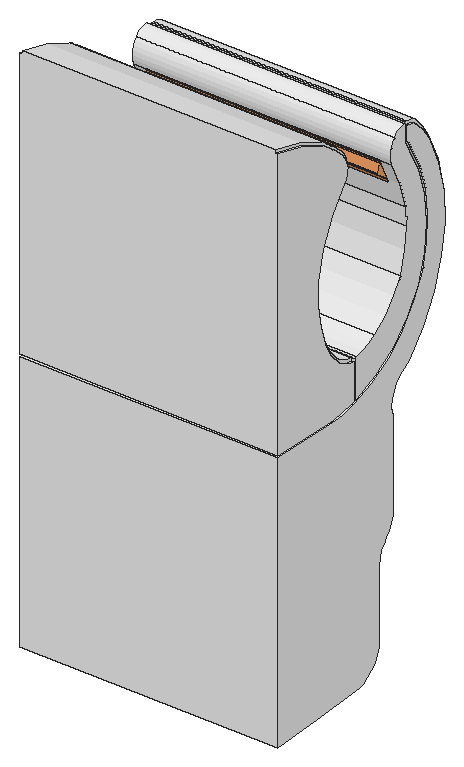
Revit family
Parameters (values of type "AB02 - 120 V Dyson Airblade™ Hand Dryer")
  Width = "12.25\""
  Water Resistance = "Water ingress protection to IPX5"
  Warranty = "5 year parts, 1 year labor limited"
  URL = "www.dysonairblade.com\r\nwww.dysonairblade.com\r\n"
  Standby Power Consumption = "1 W"
  Recommended Mounting Heights/Women = "38.25\" to top of unit"
  Recommended Mounting Heights/Men = "41.25\" to top of unit"
  Recommended Mounting Heights/Children / ADA = "34.25\" to top of unit"
  Rated Power = "1400 W, 12.0 A"
  Product Certification = "ETL listed in accordance with UL507"
  Product = "AB02 - 120 V Dyson Airblade™ Hand Dryer"
  Operation/Rated operating noise level = "84 db (A) "
  Operation/Operating airflow = "68 cfm"
  Operation/Method = "Touch-free infra-red activation"
  Operation/Hand dry time = "12 seconds"
  Operation/Hand Dry Test Standard = "National Sanitation Foundation protocol P335"
  Operation/Airspeed at nozzle = "400 mph"
  Mounting = "Separate pressed anti-rust steel backplate"
  Motor Type = "Switched reluctance brushless"
  Motor Speed = "81,000 rpm"
  Model = ""
  Material 2 = Lacquer Coating
  Material 1 = Cast Aluminum
  Manufacturer = "Dyson "
  MOUNTING HEIGHT = 3' - 5 1/4"
  Input Voltage = "110-120V AC, single phase 60 Hz"
  Housing Material = "Die-cast aluminum casing"
  Housing Finish = "Scuff resistant lacquer coating on exterior surfaces"
  Height = "25.38\""
  Heater Type = "None"
  Hardware = "Tamper-proof T30 type exterior screws"
  Filtration/Air Filtration = "Yes"
  Filtration/Air Filter Type = "HEPA filter with anti-microbial coating"
  Filtration/Air Filter Performance = "99.97% particulate efficiency <99.9% bacteria removal"
  Energy Consumption Per Operation Cycle = ".00468 kwh"
  Depth = "10\""
  Color = "Metallic silver, gloss lacquer"
  Anti-Microbial Finish = "Yes"
Reference planes (in)
  plane 1: y = 0
  plane 2 "Center (Left/Right)": x = 0
  plane 3 "Wall Edge": y = 3
  plane 4: z = 41.25
Text (in)
  text "Placement Side" at (0, 40.15149, 123.01588), in view "Right"
  text "Placement Side" at (-70.3804, 28.46503, 0), in view "Ref. Level"
  text "Placement Side" at (0, 81.62555, 140.59947), in view "Left"
Dimensions and locks (in)
  locked: plane 3 "Wall Edge" to host wall
  "MOUNTING HEIGHT": level to plane 4
  aligned and locked: nested 1 to plane 2 "Center (Left/Right)"
  aligned and locked: nested 1 to plane 3 "Wall Edge"
  aligned and locked: plane 4 to nested 1
Nested families (in)
  nested 1: "Family1" at (0, 8, 15.87001), type "Family1"
Definition of nested family "Family1"
  Parameters
    Material 2 = Laser
    Material 1 = Plastic 1
    Length = ""
    Height = ""
    Depth = ""
  Reference planes (in)
    plane 1 "Center (Front/Back)": y = 0
    plane 2: z = 0
    plane 3 "Center (Left/Right)": x = 0
    plane 4: y = 5
    plane 5: y = -5
    plane 6: x = -6.125
    plane 7: x = 6.125
    plane 8: z = 25.37999
    plane 9: x = -5.5
    plane 10: x = 5.5
    plane 11: x = 2.21875
    plane 12: x = -2.21875
    plane 13: y = 2.5
    plane 14: x = 6
    plane 15: x = -6
  Forms (in)
    Extrusion 1, solid, material "Plastic 1" <- "Material 1"
      sketch origin (0, 0, 0) x (0, -1, 0) y (0, 0, -1)
        loop
          arc (2.81293, -12.9793) -> (2.43848, -12.66614) -> (2.10511, -12.30957) r 3.98762
          arc (2.10511, -12.30957) -> (1.90684, -11.93034) -> (1.83117, -11.50915) r 1.41324
          line (1.83117, -11.50915) -> (1.82925, -7.14596)
          arc (1.82925, -7.14596) -> (1.71447, -6.59158) -> (1.41547, -6.11083) r 1.61553
          arc (1.41547, -6.11083) -> (1.17238, -5.79658) -> (1.02497, -5.42763) r 1.43218
          arc (1.02497, -5.42763) -> (0.99649, -5.22661) -> (0.98694, -5.0238) r 2.16866
          line (0.98694, -5.0238) -> (0.98618, -1.95818)
          arc (0.98618, -1.95818) -> (0.70972, -1.08349) -> (0.00243, -0.49931) r 1.61946
          arc (0.00243, -0.49931) -> (-0.17783, -0.43501) -> (-0.36443, -0.39245) r 1.61777
          arc (-0.36443, -0.39245) -> (-1.52331, -0.28351) -> (-2.68307, -0.1845) r 135.88222
          arc (-2.68307, -0.1845) -> (-3.8418, -0.09559) -> (-5, 0) r 201.43825
          line (-5, 0) -> (-5, -12.3175) -> (-1.75196, -12.38381)
          arc (-1.75196, -12.38381) -> (-1.12625, -12.4645) -> (-0.5128, -12.61185) r 5.87158
          arc (-0.5128, -12.61185) -> (3.34031, -15.93761) -> (3.39101, -21.02727) r 6.1807
          arc (3.39101, -21.02727) -> (3.13128, -21.55211) -> (2.85791, -22.06999) r 22.39085
          line (2.85791, -22.06999) -> (2.66514, -22.43728)
          arc (2.66514, -22.43728) -> (2.65629, -22.46089) -> (2.65355, -22.48595) r 0.10125
          line (2.65355, -22.48595) -> (2.66541, -23.22522) -> (2.77653, -23.22248)
          arc (2.77653, -23.22248) -> (3.01911, -23.18152) -> (3.24222, -23.07786) r 0.92179
          arc (3.24222, -23.07786) -> (3.69818, -22.6088) -> (4.06543, -22.06747) r 3.73982
          arc (4.06543, -22.06747) -> (4.92732, -17.3183) -> (2.81293, -12.9793) r 7.75444
      from -6.125 to 6.125
    Extrusion 2, solid, material "Plastic 1" <- "Material 1"
      sketch origin (0, 0, 0) x (0, -1, 0) y (0, 0, -1)
        loop
          line (2.54319, -23.22706) -> (2.53003, -22.47303)
          arc (2.53003, -22.47303) -> (2.53469, -22.43009) -> (2.54794, -22.38897) r 0.21272
          line (2.54794, -22.38897) -> (2.7466, -22.01046)
          arc (2.7466, -22.01046) -> (3.0182, -21.496) -> (3.27627, -20.97461) r 22.26463
          arc (3.27627, -20.97461) -> (3.25855, -16.06255) -> (-0.39452, -12.77869) r 6.05745
          line (-0.39452, -12.77869) -> (-0.39452, -14.53904)
          arc (-0.39452, -14.53904) -> (-0.38442, -14.56603) -> (-0.3591, -14.57978) r 0.04114
          arc (-0.3591, -14.57978) -> (0.22492, -14.7414) -> (0.74758, -15.04805) r 2.3317
          arc (0.74758, -15.04805) -> (1.63078, -15.87376) -> (2.26249, -16.90468) r 4.50354
          arc (2.26249, -16.90468) -> (2.54423, -17.86361) -> (2.63045, -18.85935) r 5.02096
          arc (2.63045, -18.85935) -> (2.6066, -19.29023) -> (2.54641, -19.71756) r 5.09955
          arc (2.54641, -19.71756) -> (2.22331, -20.81113) -> (1.7521, -21.84953) r 8.22661
          arc (1.7521, -21.84953) -> (1.67005, -22.4097) -> (1.90491, -22.92483) r 1.00132
          arc (1.90491, -22.92483) -> (2.19155, -23.14458) -> (2.54319, -23.22706) r 0.8589
      from -6.125 to 6.125
    Extrusion 3, solid, material "Plastic 1" <- "Material 1"
      sketch origin (0, 0, 0) x (0, -1, 0) y (0, 0, -1)
        loop
          arc (-2.2246, -24.50556) -> (-1.6416, -24.10764) -> (-1.11753, -23.6348) r 5.22747
          arc (-1.11753, -23.6348) -> (-1.07181, -23.57459) -> (-1.03249, -23.51003) r 0.73883
          arc (-1.03249, -23.51003) -> (-0.76572, -22.8472) -> (-1.01081, -22.17605) r 0.99722
          arc (-1.01081, -22.17605) -> (-2.01816, -20.56758) -> (-2.50107, -18.73219) r 6.30338
          arc (-2.50107, -18.73219) -> (-2.46378, -17.27511) -> (-2.06297, -15.87376) r 5.77655
          arc (-2.06297, -15.87376) -> (-1.77582, -15.38349) -> (-1.40031, -14.9571) r 2.9608
          arc (-1.40031, -14.9571) -> (-1.00152, -14.69556) -> (-0.53934, -14.57797) r 1.44607
          arc (-0.53934, -14.57797) -> (-0.52045, -14.56872) -> (-0.5128, -14.54911) r 0.02895
          line (-0.5128, -14.54911) -> (-0.5128, -12.73795) -> (-0.63473, -12.70372)
          arc (-0.63473, -12.70372) -> (-1.19137, -12.57687) -> (-1.75785, -12.50585) r 5.74944
          line (-1.75785, -12.50585) -> (-5, -12.43966) -> (-5, -25.37999)
          arc (-5, -25.37999) -> (-3.57343, -25.06614) -> (-2.2246, -24.50556) r 8.24784
      from -6.125 to 6.125
    Extrusion 4, solid, material "Laser" <- "Material 2"
      sketch origin (0, 0, 0) x (0, 1, 0) y (0, 0, 1)
        loop
          line (-1.76537, 21.69252) -> (-1.74771, 21.77674) -> (-1.7059, 21.84078) -> (-1.75934, 21.8361)
          arc (-1.75934, 21.8361) -> (-2.04061, 21.26054) -> (-2.27625, 20.66484) r 8.22661
          arc (-2.27625, 20.66484) -> (-2.18109, 20.79882) -> (-2.06624, 20.91636) r 1.05292
          line (-2.06624, 20.91636) -> (-1.70526, 21.21392) -> (-1.69146, 21.25085) -> (-1.76537, 21.69252)
      from -5.51469 to 5.51471
    Revolve 5, void
      sketch origin (2.2246, 0, 0) x (0, 1, 0) y (0, 0, 1)
        loop
          line (2.2246, 24.50556) -> (2.2246, 25.37999) -> (0, 25.37999) -> (0, 20.0227) -> (2.2246, 20.0227)
          arc (2.2246, 20.0227) -> (2.10085, 20.36709) -> (1.95732, 20.70372) r 6.30338
          arc (1.95732, 20.70372) -> (2.34111, 22.47362) -> (1.73704, 24.18094) r 3.31355
          arc (1.73704, 24.18094) -> (1.97627, 24.35008) -> (2.2246, 24.50556) r 5.22747
        axis (0, 20.0227) -> (0, 25.37999)
      angle from 0 to 360
    Revolve 6, void
      sketch origin (-2.2246, 0, 0) x (0, 1, 0) y (0, 0, 1)
        loop
          line (2.2246, 24.50556) -> (2.2246, 25.37999) -> (0, 25.37999) -> (0, 20.0227) -> (2.2246, 20.0227)
          arc (2.2246, 20.0227) -> (2.10085, 20.36709) -> (1.95732, 20.70372) r 6.30338
          arc (1.95732, 20.70372) -> (2.34111, 22.47362) -> (1.73704, 24.18094) r 3.31355
          arc (1.73704, 24.18094) -> (1.97627, 24.35008) -> (2.2246, 24.50556) r 5.22747
        axis (0, 20.0227) -> (0, 25.37999)
      angle from 0 to 360
    Extrusion 7, void
      sketch origin (0, 0, 0) x (1, 0, 0) y (0, 0, 1)
        loop
          circle (2.21875, 22.68729) r 0.125
        loop
          circle (-2.21875, 22.68729) r 0.125
      from -2.5 to -1.75196
    Extrusion 8, void
      sketch origin (0, 0, 0) x (0, 1, 0) y (0, 0, 1)
        loop
          arc (1.21044, 23.55107) -> (1.71944, 24.00983) -> (2.28531, 24.39625) r 5.10247
          arc (2.28531, 24.39625) -> (3.60479, 24.94496) -> (5, 25.25395) r 8.12284
          line (5, 25.25395) -> (5, 25.37999)
          arc (5, 25.37999) -> (3.57343, 25.06614) -> (2.2246, 24.50556) r 8.24784
          arc (2.2246, 24.50556) -> (1.6416, 24.10764) -> (1.11753, 23.6348) r 5.22747
          arc (1.11753, 23.6348) -> (1.07181, 23.57459) -> (1.03249, 23.51003) r 0.73883
          arc (1.03249, 23.51003) -> (0.76572, 22.8472) -> (1.01081, 22.17605) r 0.99722
          arc (1.01081, 22.17605) -> (2.01816, 20.56758) -> (2.50107, 18.73219) r 6.30338
          arc (2.50107, 18.73219) -> (2.46378, 17.27511) -> (2.06297, 15.87376) r 5.77655
          arc (2.06297, 15.87376) -> (1.77582, 15.38349) -> (1.40031, 14.9571) r 2.9608
          arc (1.40031, 14.9571) -> (1.00152, 14.69556) -> (0.53934, 14.57797) r 1.44607
          arc (0.53934, 14.57797) -> (0.52045, 14.56872) -> (0.5128, 14.54911) r 0.02895
          line (0.5128, 14.54911) -> (0.5128, 14.45075)
          arc (0.5128, 14.45075) -> (1.03508, 14.57388) -> (1.48546, 14.86559) r 1.57107
          arc (1.48546, 14.86559) -> (1.87753, 15.31082) -> (2.17715, 15.82286) r 3.0858
          arc (2.17715, 15.82286) -> (2.58723, 17.25546) -> (2.6254, 18.7451) r 5.90155
          arc (2.6254, 18.7451) -> (2.13286, 20.61725) -> (1.10531, 22.25788) r 6.42838
          arc (1.10531, 22.25788) -> (0.89087, 22.85306) -> (1.13514, 23.43663) r 0.87222
          arc (1.13514, 23.43663) -> (1.17072, 23.49767) -> (1.21309, 23.55423) r 0.61383
      from 6 to 6.125
    Extrusion 9, void
      sketch origin (0, 0, 0) x (0, 1, 0) y (0, 0, -1)
        loop
          arc (1.21044, -23.55107) -> (1.71944, -24.00983) -> (2.28531, -24.39625) r 5.10247
          arc (2.28531, -24.39625) -> (3.60479, -24.94496) -> (5, -25.25395) r 8.12284
          line (5, -25.25395) -> (5, -25.37999)
          arc (5, -25.37999) -> (3.57343, -25.06614) -> (2.2246, -24.50556) r 8.24784
          arc (2.2246, -24.50556) -> (1.6416, -24.10764) -> (1.11753, -23.6348) r 5.22747
          arc (1.11753, -23.6348) -> (1.07181, -23.57459) -> (1.03249, -23.51003) r 0.73883
          arc (1.03249, -23.51003) -> (0.76572, -22.8472) -> (1.01081, -22.17605) r 0.99722
          arc (1.01081, -22.17605) -> (2.01816, -20.56758) -> (2.50107, -18.73219) r 6.30338
          arc (2.50107, -18.73219) -> (2.46378, -17.27511) -> (2.06297, -15.87376) r 5.77655
          arc (2.06297, -15.87376) -> (1.77582, -15.38349) -> (1.40031, -14.9571) r 2.9608
          arc (1.40031, -14.9571) -> (1.00152, -14.69556) -> (0.53934, -14.57797) r 1.44607
          arc (0.53934, -14.57797) -> (0.52045, -14.56872) -> (0.5128, -14.54911) r 0.02895
          line (0.5128, -14.54911) -> (0.5128, -14.45075)
          arc (0.5128, -14.45075) -> (1.03508, -14.57388) -> (1.48546, -14.86559) r 1.57107
          arc (1.48546, -14.86559) -> (1.87753, -15.31082) -> (2.17715, -15.82286) r 3.0858
          arc (2.17715, -15.82286) -> (2.58723, -17.25546) -> (2.6254, -18.7451) r 5.90155
          arc (2.6254, -18.7451) -> (2.13286, -20.61725) -> (1.10531, -22.25788) r 6.42838
          arc (1.10531, -22.25788) -> (0.89087, -22.85306) -> (1.13514, -23.43663) r 0.87222
          arc (1.13514, -23.43663) -> (1.17072, -23.49767) -> (1.21309, -23.55423) r 0.61383
      from 6 to 6.125
    Extrusion 10, void
      sketch origin (0, 0, 0) x (0, 1, 0) y (0, 0, 1)
        loop
          arc (-3.24222, 23.07786) -> (-3.69818, 22.6088) -> (-4.06543, 22.06747) r 3.73982
          arc (-4.06543, 22.06747) -> (-4.92732, 17.3183) -> (-2.81293, 12.9793) r 7.75444
          arc (-2.81293, 12.9793) -> (-2.43848, 12.66614) -> (-2.10511, 12.30957) r 3.98762
          arc (-2.10511, 12.30957) -> (-1.90684, 11.93034) -> (-1.83117, 11.50915) r 1.41324
          line (-1.83117, 11.50915) -> (-1.83102, 11.16946) -> (-1.70621, 11.51237)
          arc (-1.70621, 11.51237) -> (-1.78916, 11.97252) -> (-2.00651, 12.38649) r 1.53824
          arc (-2.00651, 12.38649) -> (-2.34749, 12.75212) -> (-2.73032, 13.07368) r 4.11262
          arc (-2.73032, 13.07368) -> (-4.80413, 17.34005) -> (-3.95587, 22.00729) r 7.62944
          arc (-3.95587, 22.00729) -> (-3.60393, 22.52657) -> (-3.16752, 22.97719) r 3.61482
          arc (-3.16752, 22.97719) -> (-2.97812, 23.06335) -> (-2.77288, 23.09753) r 0.79679
          line (-2.77288, 23.09753) -> (-2.6634, 23.10023) -> (-2.66541, 23.22522) -> (-2.77653, 23.22248)
          arc (-2.77653, 23.22248) -> (-3.01911, 23.18152) -> (-3.24222, 23.07786) r 0.92179
      from 6 to 6.125
    Extrusion 11, void
      sketch origin (0, 0, 0) x (0, 1, 0) y (0, 0, -1)
        loop
          arc (-3.24222, -23.07786) -> (-3.01911, -23.18152) -> (-2.77653, -23.22248) r 0.92179
          line (-2.77653, -23.22248) -> (-2.66541, -23.22522) -> (-2.6634, -23.10023) -> (-2.77288, -23.09753)
          arc (-2.77288, -23.09753) -> (-2.97812, -23.06335) -> (-3.16752, -22.97719) r 0.79679
          arc (-3.16752, -22.97719) -> (-3.60393, -22.52657) -> (-3.95587, -22.00729) r 3.61482
          arc (-3.95587, -22.00729) -> (-4.80413, -17.34005) -> (-2.73032, -13.07368) r 7.62944
          arc (-2.73032, -13.07368) -> (-2.34749, -12.75212) -> (-2.00651, -12.38649) r 4.11262
          arc (-2.00651, -12.38649) -> (-1.78916, -11.97252) -> (-1.70621, -11.51237) r 1.53824
          line (-1.70621, -11.51237) -> (-1.83102, -11.16946) -> (-1.83117, -11.50915)
          arc (-1.83117, -11.50915) -> (-1.90684, -11.93034) -> (-2.10511, -12.30957) r 1.41324
          arc (-2.10511, -12.30957) -> (-2.43848, -12.66614) -> (-2.81293, -12.9793) r 3.98762
          arc (-2.81293, -12.9793) -> (-4.92732, -17.3183) -> (-4.06543, -22.06747) r 7.75444
          arc (-4.06543, -22.06747) -> (-3.69818, -22.6088) -> (-3.24222, -23.07786) r 3.73982
      from 6 to 6.125
  Cuts and joins
    Revolve 5, Revolve 6, Extrusion 7, Extrusion 8, Extrusion 9 cuts Extrusion 3
    Extrusion 7, Extrusion 8, Extrusion 9, Extrusion 10, Extrusion 11 cuts Extrusion 1
    Extrusion 7, Extrusion 10, Extrusion 11 cuts Extrusion 2
    Extrusion 10 cuts Extrusion 4
  Dimensions and locks (in)
    equal spacing: plane 6, plane 3 "Center (Left/Right)", plane 7
    plane 6 to plane 7 = 1' - 0 1/4"
    plane 8 to level = 2' - 1.37999"
    locked: plane 6 to plane 9 at 0.625
    locked: plane 7 to plane 10 at 0.625
    locked: plane 4 to plane 13 at 2.5
    locked: plane 7 to plane 14 at 0.125
    locked: plane 6 to plane 15 at 0.125
    aligned and locked: plane 13 to Extrusion 7
    aligned and locked: Extrusion 8 to plane 14
    aligned and locked: plane 7 to Extrusion 8
    aligned and locked: Extrusion 9 to plane 15
    aligned and locked: plane 6 to Extrusion 9
    aligned and locked: cut or joined group of Extrusion 3, Revolve 5, Revolve 6, Extrusion 7, Extrusion 8, Extrusion 9 to Extrusion 10
    aligned and locked: plane 7 to Extrusion 10
    aligned and locked: Extrusion 11 to cut or joined group of Extrusion 3, Revolve 5, Revolve 6, Extrusion 7, Extrusion 8, Extrusion 9
    aligned and locked: plane 6 to Extrusion 11
  Automatic sketch dimensions
    Extrusion 1 sketch curve to plane 4 = 0' - 0"
    Extrusion 1 sketch curve to level = 0' - 0"
    Extrusion 1 sketch curve to plane 4 = 0' - 8.66156"
    Extrusion 1 sketch curve to plane 4 = 0' - 11.80514"
    Extrusion 1 sketch curve to plane 13 = 0' - 0.25452"
    Extrusion 1 sketch curve to plane 13 = 0' - 0.18307"
    plane 13 to Extrusion 1 sketch curve = 0' - 0.23351"
    Extrusion 1 sketch curve to Extrusion 1 sketch curve = 0' - 0.07755"
    plane 13 to Extrusion 1 sketch curve = 0' - 0.74804"
    plane 1 "Center (Front/Back)" to Extrusion 1 sketch curve = 0' - 0.63299"
    Extrusion 1 sketch curve to Extrusion 1 sketch curve = 0' - 0.00274"  (x2)
    plane 1 "Center (Front/Back)" to Extrusion 1 sketch curve = 0' - 0.5128"
    plane 1 "Center (Front/Back)" to Extrusion 1 sketch curve = 0' - 0.36443"
    Extrusion 1 sketch curve to plane 1 "Center (Front/Back)" = 0' - 0.00243"
    Extrusion 1 sketch curve to plane 1 "Center (Front/Back)" = 0' - 0.21435"
    Extrusion 1 sketch curve to plane 1 "Center (Front/Back)" = 0' - 0.79884"
    Extrusion 1 sketch curve to plane 1 "Center (Front/Back)" = 0' - 0.98618"
    Extrusion 1 sketch curve to plane 1 "Center (Front/Back)" = 0' - 0.98694"
    Extrusion 1 sketch curve to Extrusion 1 sketch curve = 0' - 0.03803"
    Extrusion 1 sketch curve to Extrusion 1 sketch curve = 0' - 0.39051"
    Extrusion 1 sketch curve to Extrusion 1 sketch curve = 0' - 0.41377"
    Extrusion 1 sketch curve to plane 1 "Center (Front/Back)" = 0' - 1.83117"
    Extrusion 1 sketch curve to Extrusion 1 sketch curve = 0' - 0.27394"
    Extrusion 1 sketch curve to Extrusion 1 sketch curve = 0' - 1.42884"
    plane 5 to Extrusion 1 sketch curve = 0' - 2.34645"
    Extrusion 1 sketch curve to Extrusion 1 sketch curve = 0' - 0.01158"
    Extrusion 1 sketch curve to Extrusion 1 sketch curve = 0' - 0.01185"
    Extrusion 1 sketch curve to Extrusion 1 sketch curve = 0' - 0.08058"
    Extrusion 1 sketch curve to Extrusion 1 sketch curve = 0' - 0.08965"
    Extrusion 1 sketch curve to Extrusion 1 sketch curve = 0' - 0.11112"
    Extrusion 1 sketch curve to Extrusion 1 sketch curve = 0' - 0.70782"
    Extrusion 1 sketch curve to Extrusion 1 sketch curve = 0' - 0.11219"
    Extrusion 1 sketch curve to Extrusion 1 sketch curve = 0' - 0.73982"
    Extrusion 1 sketch curve to Extrusion 1 sketch curve = 0' - 0.46569"
    Extrusion 1 sketch curve to Extrusion 1 sketch curve = 0' - 1.13883"
    Extrusion 1 sketch curve to Extrusion 1 sketch curve = 0' - 0.5331"
    plane 5 to Extrusion 1 sketch curve = 0' - 0.93457"
    Extrusion 1 sketch curve to plane 5 = 0' - 0.17915"
    Extrusion 1 sketch curve to plane 5 = 0' - 7 19/128"
    level to Extrusion 1 sketch curve = 16' - 8.707"
    Extrusion 1 sketch curve to level = 0' - 0.39245"
    Extrusion 1 sketch curve to Extrusion 1 sketch curve = 0' - 0.10686"
    Extrusion 1 sketch curve to Extrusion 1 sketch curve = 0' - 0.03006"
    Extrusion 1 sketch curve to Extrusion 1 sketch curve = 0' - 3.06508"
    Extrusion 1 sketch curve to Extrusion 1 sketch curve = 0' - 0.00054"
    Extrusion 1 sketch curve to Extrusion 1 sketch curve = 0' - 0.06261"
    Extrusion 1 sketch curve to Extrusion 1 sketch curve = 0' - 1.03513"
    Extrusion 1 sketch curve to Extrusion 1 sketch curve = 0' - 2.62366"
    Extrusion 1 sketch curve to level = 0' - 11.35951"
    Extrusion 1 sketch curve to Extrusion 1 sketch curve = 0' - 1 45/64"
    Extrusion 1 sketch curve to Extrusion 1 sketch curve = 0' - 0.03642"
    Extrusion 1 sketch curve to Extrusion 1 sketch curve = 0' - 0.80835"
    Extrusion 1 sketch curve to Extrusion 1 sketch curve = 0' - 0.06631"
    Extrusion 1 sketch curve to Extrusion 1 sketch curve = 0' - 0.22804"
    Extrusion 1 sketch curve to Extrusion 1 sketch curve = 0' - 0.13787"
    Extrusion 1 sketch curve to Extrusion 1 sketch curve = 0' - 0.29943"
    Extrusion 1 sketch curve to Extrusion 1 sketch curve = 0' - 0.78069"
    Extrusion 1 sketch curve to Extrusion 1 sketch curve = 0' - 0.23122"
    Extrusion 1 sketch curve to Extrusion 1 sketch curve = 0' - 0.13607"
    Extrusion 1 sketch curve to Extrusion 1 sketch curve = 0' - 0.04705"
    Extrusion 2 sketch curve to plane 4 = 0' - 11.80514"
    Extrusion 2 sketch curve to plane 4 = 0' - 0.48565"
    plane 13 to Extrusion 2 sketch curve = 0' - 0.03134"
    Extrusion 2 sketch curve to Extrusion 2 sketch curve = 0' - 0.0786"
    plane 13 to Extrusion 2 sketch curve = 0' - 0.23025"
    Extrusion 2 sketch curve to Extrusion 2 sketch curve = 0' - 0.41116"
    plane 1 "Center (Front/Back)" to Extrusion 2 sketch curve = 0' - 0.68371"
    plane 1 "Center (Front/Back)" to Extrusion 2 sketch curve = 0' - 0 101/256"
    Extrusion 2 sketch curve to Extrusion 2 sketch curve = 0' - 0.03541"
    Extrusion 2 sketch curve to Extrusion 2 sketch curve = 0' - 0"
    Extrusion 2 sketch curve to Extrusion 2 sketch curve = 0' - 0.00573"
    Extrusion 2 sketch curve to plane 1 "Center (Front/Back)" = 0' - 0.74758"
    Extrusion 2 sketch curve to plane 1 "Center (Front/Back)" = 0' - 1.7521"
    Extrusion 2 sketch curve to Extrusion 2 sketch curve = 0' - 0.1528"
    Extrusion 2 sketch curve to plane 1 "Center (Front/Back)" = 0' - 2.26249"
    Extrusion 2 sketch curve to Extrusion 2 sketch curve = 0' - 0.62512"
    Extrusion 2 sketch curve to Extrusion 2 sketch curve = 0' - 0.63828"
    Extrusion 2 sketch curve to Extrusion 2 sketch curve = 0' - 0.7943"
    Extrusion 2 sketch curve to Extrusion 2 sketch curve = 0' - 0.01791"
    Extrusion 2 sketch curve to Extrusion 2 sketch curve = 0' - 0.01118"
    Extrusion 2 sketch curve to Extrusion 2 sketch curve = 0' - 0.08405"
    Extrusion 2 sketch curve to Extrusion 2 sketch curve = 0' - 0.1023"
    Extrusion 2 sketch curve to Extrusion 2 sketch curve = 0' - 0.18363"
    Extrusion 2 sketch curve to Extrusion 2 sketch curve = 0' - 0.08519"
    Extrusion 2 sketch curve to Extrusion 2 sketch curve = 0' - 0.52967"
    Extrusion 2 sketch curve to level = 0' - 11.35951"
    plane 8 to Extrusion 2 sketch curve = 1' - 0.6013"
    Extrusion 2 sketch curve to Extrusion 2 sketch curve = 0' - 1.76035"
    Extrusion 2 sketch curve to Extrusion 2 sketch curve = 0' - 1.85663"
    Extrusion 2 sketch curve to Extrusion 2 sketch curve = 0' - 0.78186"
    Extrusion 2 sketch curve to Extrusion 2 sketch curve = 0' - 0.18233"
    Extrusion 2 sketch curve to Extrusion 2 sketch curve = 0' - 0.25394"
    Extrusion 2 sketch curve to Extrusion 2 sketch curve = 0' - 0.00069"
    Extrusion 2 sketch curve to Extrusion 2 sketch curve = 0' - 0.25836"
    Extrusion 2 sketch curve to Extrusion 2 sketch curve = 0' - 0.09948"
    Extrusion 2 sketch curve to Extrusion 2 sketch curve = 0' - 0.02067"
    Extrusion 2 sketch curve to Extrusion 2 sketch curve = 0' - 0.08406"
    Extrusion 3 sketch curve to plane 4 = 0' - 0"
    Extrusion 3 sketch curve to plane 8 = 0' - 0"
    Extrusion 3 sketch curve to plane 4 = 0' - 1.05194"
    plane 4 to Extrusion 3 sketch curve = 0' - 0.12667"
    Extrusion 3 sketch curve to plane 13 = 0' - 0.00107"
    plane 13 to Extrusion 3 sketch curve = 0' - 0.2754"
    plane 13 to Extrusion 3 sketch curve = 0' - 0.31106"
    plane 13 to Extrusion 3 sketch curve = 0' - 0.43703"
    plane 13 to Extrusion 3 sketch curve = 0' - 0.73719"
    plane 13 to Extrusion 3 sketch curve = 0' - 0.74215"
    Extrusion 3 sketch curve to Extrusion 3 sketch curve = 0' - 0.08045"
    plane 13 to Extrusion 3 sketch curve = 0' - 1.09969"
    Extrusion 3 sketch curve to Extrusion 3 sketch curve = 0' - 0.56483"
    Extrusion 3 sketch curve to Extrusion 3 sketch curve = 0' - 0.08503"
    Extrusion 3 sketch curve to Extrusion 3 sketch curve = 0' - 0.752"
    plane 1 "Center (Front/Back)" to Extrusion 3 sketch curve = 0' - 0.63473"
    plane 1 "Center (Front/Back)" to Extrusion 3 sketch curve = 0' - 0.54176"
    Extrusion 3 sketch curve to Extrusion 3 sketch curve = 0' - 0.00241"
    Extrusion 3 sketch curve to Extrusion 3 sketch curve = 0' - 0"
    Extrusion 3 sketch curve to Extrusion 3 sketch curve = 0' - 0.02895"
    plane 1 "Center (Front/Back)" to Extrusion 3 sketch curve = 0' - 0.41873"
    Extrusion 3 sketch curve to plane 1 "Center (Front/Back)" = 0' - 0.62366"
    plane 5 to Extrusion 3 sketch curve = 0' - 1 193/256"
    Extrusion 3 sketch curve to Extrusion 3 sketch curve = 0' - 0.52074"
    Extrusion 3 sketch curve to Extrusion 3 sketch curve = 0' - 0.87443"
    Extrusion 3 sketch curve to Extrusion 3 sketch curve = 0' - 0.87075"
    Extrusion 3 sketch curve to Extrusion 3 sketch curve = 0' - 0.12478"
    Extrusion 3 sketch curve to Extrusion 3 sketch curve = 0' - 0.32754"
    Extrusion 3 sketch curve to Extrusion 3 sketch curve = 0' - 1.26664"
    Extrusion 3 sketch curve to Extrusion 3 sketch curve = 0' - 0.49308"
    Extrusion 3 sketch curve to Extrusion 3 sketch curve = 0' - 0.08599"
    Extrusion 3 sketch curve to Extrusion 3 sketch curve = 0' - 1.03215"
    Extrusion 3 sketch curve to Extrusion 3 sketch curve = 0' - 1.81116"
    Extrusion 3 sketch curve to Extrusion 3 sketch curve = 0' - 0.03423"
    Extrusion 3 sketch curve to Extrusion 3 sketch curve = 0' - 0.06618"
    plane 1 "Center (Front/Back)" to Extrusion 4 sketch curve = 0' - 2.27625"
    Extrusion 4 sketch curve to Extrusion 4 sketch curve = 0' - 0.21"
    Extrusion 4 sketch curve to Extrusion 4 sketch curve = 0' - 0.30087"
    Extrusion 4 sketch curve to Extrusion 4 sketch curve = 0' - 0.00603"
    Extrusion 4 sketch curve to Extrusion 4 sketch curve = 0' - 0.01163"
    Extrusion 4 sketch curve to Extrusion 4 sketch curve = 0' - 0.05345"
    Extrusion 4 sketch curve to Extrusion 4 sketch curve = 0' - 0.36098"
    Extrusion 4 sketch curve to Extrusion 4 sketch curve = 0' - 0.01381"
    Extrusion 4 sketch curve to Extrusion 4 sketch curve = 0' - 0.69338"
    plane 4 to Extrusion 4 sketch curve = 0' - 0.48565"
    Extrusion 4 sketch curve to Extrusion 4 sketch curve = 0' - 0.05936"
    Extrusion 4 sketch curve to Extrusion 4 sketch curve = 0' - 0.08422"
    Extrusion 4 sketch curve to Extrusion 4 sketch curve = 0' - 0.44168"
    Extrusion 4 sketch curve to Extrusion 4 sketch curve = 0' - 0.03693"
    Extrusion 4 sketch curve to Extrusion 4 sketch curve = 0' - 0.29756"
    Extrusion 4 sketch curve to Extrusion 4 sketch curve = 0' - 0.25152"
    Revolve 5 sketch curve to plane 1 "Center (Front/Back)" = 0' - 0"  (x2)
    Revolve 5 sketch curve to plane 8 = 0' - 0"  (x2)
    plane 1 "Center (Front/Back)" to Revolve 5 sketch curve = 0' - 0.96581"
    Revolve 5 sketch curve to plane 5 = 0' - 1.23317"
    Revolve 5 sketch curve to plane 13 = 0' - 0.76296"
    Revolve 5 sketch curve to plane 13 = 0' - 0.54268"
    Revolve 5 sketch curve to plane 13 = 0' - 0.2754"  (x2)
    Revolve 5 sketch curve to plane 4 = 0' - 0.12667"
    Revolve 5 sketch curve to Revolve 5 sketch curve = 0' - 0.87443"
    Revolve 5 sketch curve to Revolve 5 sketch curve = 0' - 0.32461"
    Revolve 5 sketch curve to plane 8 = 0' - 3.11586"
    Revolve 5 sketch curve to Revolve 5 sketch curve = 0' - 0.68102"  (x2)
    Revolve 6 sketch curve to plane 1 "Center (Front/Back)" = 0' - 0"  (x2)
    Revolve 6 sketch curve to plane 8 = 0' - 0"  (x2)
    plane 1 "Center (Front/Back)" to Revolve 6 sketch curve = 0' - 0.96581"
    Revolve 6 sketch curve to plane 5 = 0' - 1.23317"
    Revolve 6 sketch curve to plane 13 = 0' - 0.76296"
    Revolve 6 sketch curve to plane 13 = 0' - 0.54268"
    Revolve 6 sketch curve to plane 13 = 0' - 0.2754"  (x2)
    Revolve 6 sketch curve to plane 4 = 0' - 0.12667"
    Revolve 6 sketch curve to Revolve 6 sketch curve = 0' - 0.87443"
    Revolve 6 sketch curve to Revolve 6 sketch curve = 0' - 0.32461"
    Revolve 6 sketch curve to plane 8 = 0' - 3.11586"
    Revolve 6 sketch curve to Revolve 6 sketch curve = 0' - 0.68102"  (x2)
    Extrusion 7 sketch curve to plane 12 = 0' - 0"
    Extrusion 7 sketch curve to plane 11 = 0' - 0"
    Extrusion 7 sketch curve to plane 8 = 0' - 2.6927"  (x2)
    Extrusion 8 sketch curve to Extrusion 8 sketch curve = 0' - 0"  (x17)
    Extrusion 8 sketch curve to plane 4 = 0' - 0"
    Extrusion 8 sketch curve to plane 8 = 0' - 0"
    Extrusion 8 sketch curve to plane 4 = 0' - 0.12667"
    plane 13 to Extrusion 8 sketch curve = 0' - 0.1254"
    plane 13 to Extrusion 8 sketch curve = 0' - 0.00107"
    Extrusion 8 sketch curve to plane 13 = 0' - 0.21469"
    Extrusion 8 sketch curve to Extrusion 8 sketch curve = 0' - 0.06071"
    Extrusion 8 sketch curve to plane 13 = 0' - 0.32285"
    Extrusion 8 sketch curve to Extrusion 8 sketch curve = 0' - 0.11418"
    Extrusion 8 sketch curve to plane 13 = 0' - 0.73719"
    Extrusion 8 sketch curve to Extrusion 8 sketch curve = 0' - 0.08045"
    Extrusion 8 sketch curve to plane 13 = 0' - 1.01454"
    Extrusion 8 sketch curve to Extrusion 8 sketch curve = 0' - 0.08515"
    Extrusion 8 sketch curve to Extrusion 8 sketch curve = 0' - 0.46927"
    Extrusion 8 sketch curve to Extrusion 8 sketch curve = 0' - 0.00265"
    Extrusion 8 sketch curve to Extrusion 8 sketch curve = 0' - 0.0753"
    Extrusion 8 sketch curve to Extrusion 8 sketch curve = 0' - 0.09556"
    Extrusion 8 sketch curve to Extrusion 8 sketch curve = 0' - 0.6575"
    Extrusion 8 sketch curve to Extrusion 8 sketch curve = 0' - 0.10264"
    Extrusion 8 sketch curve to Extrusion 8 sketch curve = 0' - 0.09449"
    Extrusion 8 sketch curve to plane 1 "Center (Front/Back)" = 0' - 0.54176"
    Extrusion 8 sketch curve to Extrusion 8 sketch curve = 0' - 0.00241"
    Extrusion 8 sketch curve to Extrusion 8 sketch curve = 0' - 0.02895"
    Extrusion 8 sketch curve to plane 1 "Center (Front/Back)" = 0' - 0.41873"
    plane 1 "Center (Front/Back)" to Extrusion 8 sketch curve = 0' - 0.62366"
    Extrusion 8 sketch curve to plane 5 = 0' - 1 193/256"
    Extrusion 8 sketch curve to Extrusion 8 sketch curve = 0' - 0.52074"
    plane 4 to Extrusion 8 sketch curve = 0' - 1.05194"
    Extrusion 8 sketch curve to Extrusion 8 sketch curve = 0' - 0.12605"
    Extrusion 8 sketch curve to Extrusion 8 sketch curve = 0' - 0.74839"
    Extrusion 8 sketch curve to Extrusion 8 sketch curve = 0' - 0.76144"
    Extrusion 8 sketch curve to Extrusion 8 sketch curve = 0' - 0.00316"
    Extrusion 8 sketch curve to Extrusion 8 sketch curve = 0' - 0.32754"
    Extrusion 8 sketch curve to Extrusion 8 sketch curve = 0' - 1.25372"
    Extrusion 8 sketch curve to Extrusion 8 sketch curve = 0' - 0.08599"
    Extrusion 8 sketch curve to Extrusion 8 sketch curve = 0' - 1.03215"
    Extrusion 9 sketch curve to Extrusion 9 sketch curve = 0' - 0"  (x17)
    Extrusion 9 sketch curve to plane 4 = 0' - 0"
    Extrusion 9 sketch curve to plane 8 = 0' - 0"
    Extrusion 9 sketch curve to plane 4 = 0' - 0.12667"
    plane 13 to Extrusion 9 sketch curve = 0' - 0.1254"
    plane 13 to Extrusion 9 sketch curve = 0' - 0.00107"
    Extrusion 9 sketch curve to plane 13 = 0' - 0.21469"
    Extrusion 9 sketch curve to Extrusion 9 sketch curve = 0' - 0.06071"
    Extrusion 9 sketch curve to plane 13 = 0' - 0.32285"
    Extrusion 9 sketch curve to Extrusion 9 sketch curve = 0' - 0.11418"
    Extrusion 9 sketch curve to plane 13 = 0' - 0.73719"
    Extrusion 9 sketch curve to Extrusion 9 sketch curve = 0' - 0.08045"
    Extrusion 9 sketch curve to plane 13 = 0' - 1.01454"
    Extrusion 9 sketch curve to Extrusion 9 sketch curve = 0' - 0.08515"
    Extrusion 9 sketch curve to Extrusion 9 sketch curve = 0' - 0.46927"
    Extrusion 9 sketch curve to Extrusion 9 sketch curve = 0' - 0.00265"
    Extrusion 9 sketch curve to Extrusion 9 sketch curve = 0' - 0.0753"
    Extrusion 9 sketch curve to Extrusion 9 sketch curve = 0' - 0.09556"
    Extrusion 9 sketch curve to Extrusion 9 sketch curve = 0' - 0.6575"
    Extrusion 9 sketch curve to Extrusion 9 sketch curve = 0' - 0.10264"
    Extrusion 9 sketch curve to Extrusion 9 sketch curve = 0' - 0.09449"
    Extrusion 9 sketch curve to plane 1 "Center (Front/Back)" = 0' - 0.54176"
    Extrusion 9 sketch curve to Extrusion 9 sketch curve = 0' - 0.00241"
    Extrusion 9 sketch curve to Extrusion 9 sketch curve = 0' - 0.02895"
    Extrusion 9 sketch curve to plane 1 "Center (Front/Back)" = 0' - 0.41873"
    plane 1 "Center (Front/Back)" to Extrusion 9 sketch curve = 0' - 0.62366"
    Extrusion 9 sketch curve to plane 5 = 0' - 1 193/256"
    Extrusion 9 sketch curve to Extrusion 9 sketch curve = 0' - 0.52074"
    plane 4 to Extrusion 9 sketch curve = 0' - 1.05194"
    Extrusion 9 sketch curve to Extrusion 9 sketch curve = 0' - 0.12605"
    Extrusion 9 sketch curve to Extrusion 9 sketch curve = 0' - 0.74839"
    Extrusion 9 sketch curve to Extrusion 9 sketch curve = 0' - 0.76144"
    Extrusion 9 sketch curve to Extrusion 9 sketch curve = 0' - 0.00316"
    Extrusion 9 sketch curve to Extrusion 9 sketch curve = 0' - 0.12478"
    Extrusion 9 sketch curve to Extrusion 9 sketch curve = 0' - 0.32754"
    Extrusion 9 sketch curve to Extrusion 9 sketch curve = 0' - 1.25372"
    Extrusion 9 sketch curve to Extrusion 9 sketch curve = 0' - 0.08599"
    Extrusion 9 sketch curve to Extrusion 9 sketch curve = 0' - 1.03215"
    Extrusion 10 sketch curve to Extrusion 10 sketch curve = 0' - 0"  (x10)
    plane 5 to Extrusion 10 sketch curve = 0' - 0.17915"
    Extrusion 10 sketch curve to plane 5 = 0' - 0.93457"
    Extrusion 10 sketch curve to Extrusion 10 sketch curve = 0' - 0.10956"
    Extrusion 10 sketch curve to plane 5 = 0' - 1.75606"
    Extrusion 10 sketch curve to Extrusion 10 sketch curve = 0' - 0.71365"
    Extrusion 10 sketch curve to Extrusion 10 sketch curve = 0' - 0.0747"
    Extrusion 10 sketch curve to Extrusion 10 sketch curve = 0' - 0.43101"
    Extrusion 10 sketch curve to Extrusion 10 sketch curve = 0' - 0.39099"
    Extrusion 10 sketch curve to Extrusion 10 sketch curve = 0' - 0.00365"
    Extrusion 10 sketch curve to Extrusion 10 sketch curve = 0' - 0.4218"
    Extrusion 10 sketch curve to Extrusion 10 sketch curve = 0' - 0.08261"
    Extrusion 10 sketch curve to Extrusion 10 sketch curve = 0' - 0.11112"
    Extrusion 10 sketch curve to Extrusion 10 sketch curve = 0' - 0.10948"
    Extrusion 10 sketch curve to Extrusion 10 sketch curve = 0' - 0.70782"
    Extrusion 10 sketch curve to Extrusion 10 sketch curve = 0' - 0.09859"
    Extrusion 10 sketch curve to Extrusion 10 sketch curve = 0' - 0.27394"
    Extrusion 10 sketch curve to Extrusion 10 sketch curve = 0' - 0.00015"
    Extrusion 10 sketch curve to Extrusion 10 sketch curve = 0' - 0.12496"
    plane 1 "Center (Front/Back)" to Extrusion 10 sketch curve = 0' - 0.79884"
    plane 13 to Extrusion 10 sketch curve = 0' - 0.25452"
    level to Extrusion 10 sketch curve = 0' - 9.76962"
    Extrusion 10 sketch curve to Extrusion 10 sketch curve = 0' - 1.39984"
    Extrusion 10 sketch curve to Extrusion 10 sketch curve = 0' - 0.30326"
    Extrusion 10 sketch curve to Extrusion 10 sketch curve = 0' - 0.33969"
    Extrusion 10 sketch curve to Extrusion 10 sketch curve = 0' - 0.00322"
    Extrusion 10 sketch curve to Extrusion 10 sketch curve = 0' - 5.3033"
    Extrusion 10 sketch curve to Extrusion 10 sketch curve = 0' - 1.76071"
    Extrusion 10 sketch curve to Extrusion 10 sketch curve = 0' - 0.67599"
    Extrusion 10 sketch curve to Extrusion 10 sketch curve = 0' - 0.0027"
    Extrusion 10 sketch curve to Extrusion 10 sketch curve = 0' - 0.00274"
    Extrusion 11 sketch curve to Extrusion 11 sketch curve = 0' - 0"  (x10)
    plane 5 to Extrusion 11 sketch curve = 0' - 0.17915"
    Extrusion 11 sketch curve to plane 5 = 0' - 0.93457"
    Extrusion 11 sketch curve to Extrusion 11 sketch curve = 0' - 0.10956"
    Extrusion 11 sketch curve to plane 5 = 0' - 1.75606"
    Extrusion 11 sketch curve to Extrusion 11 sketch curve = 0' - 0.71365"
    Extrusion 11 sketch curve to Extrusion 11 sketch curve = 0' - 0.0747"
    Extrusion 11 sketch curve to Extrusion 11 sketch curve = 0' - 0.43101"
    Extrusion 11 sketch curve to Extrusion 11 sketch curve = 0' - 0.39099"
    Extrusion 11 sketch curve to Extrusion 11 sketch curve = 0' - 0.00365"
    Extrusion 11 sketch curve to Extrusion 11 sketch curve = 0' - 0.02716"
    Extrusion 11 sketch curve to Extrusion 11 sketch curve = 0' - 0.08261"
    Extrusion 11 sketch curve to Extrusion 11 sketch curve = 0' - 0.11112"
    Extrusion 11 sketch curve to Extrusion 11 sketch curve = 0' - 0.10948"
    Extrusion 11 sketch curve to Extrusion 11 sketch curve = 0' - 0.70782"
    Extrusion 11 sketch curve to Extrusion 11 sketch curve = 0' - 0.09859"
    Extrusion 11 sketch curve to Extrusion 11 sketch curve = 0' - 0.27394"
    Extrusion 11 sketch curve to Extrusion 11 sketch curve = 0' - 0.00015"
    Extrusion 11 sketch curve to Extrusion 11 sketch curve = 0' - 0.12496"
    plane 1 "Center (Front/Back)" to Extrusion 11 sketch curve = 0' - 0.79884"
    plane 13 to Extrusion 11 sketch curve = 0' - 0.25452"
    Extrusion 11 sketch curve to plane 8 = 0' - 2.15477"
    Extrusion 11 sketch curve to Extrusion 11 sketch curve = 0' - 0.00274"
    Extrusion 11 sketch curve to Extrusion 11 sketch curve = 0' - 0 1/8"
    Extrusion 11 sketch curve to Extrusion 11 sketch curve = 0' - 0.0027"
    Extrusion 11 sketch curve to Extrusion 11 sketch curve = 0' - 0.01967"
    Extrusion 11 sketch curve to Extrusion 11 sketch curve = 0' - 0.90973"
    Extrusion 11 sketch curve to Extrusion 11 sketch curve = 0' - 1.86959"
    Extrusion 11 sketch curve to Extrusion 11 sketch curve = 0' - 0.68719"
    Extrusion 11 sketch curve to Extrusion 11 sketch curve = 0' - 0.7972"
    Extrusion 11 sketch curve to Extrusion 11 sketch curve = 0' - 0.33969"
    Extrusion 4 sketch curve to plane 8 = 0' - 7.44096"
    Extrusion 4 sketch curve to Extrusion 4 sketch curve = 0' - 0.00468"
    radius of Extrusion 7 sketch curve = 0' - 0 1/8"  (x2)
